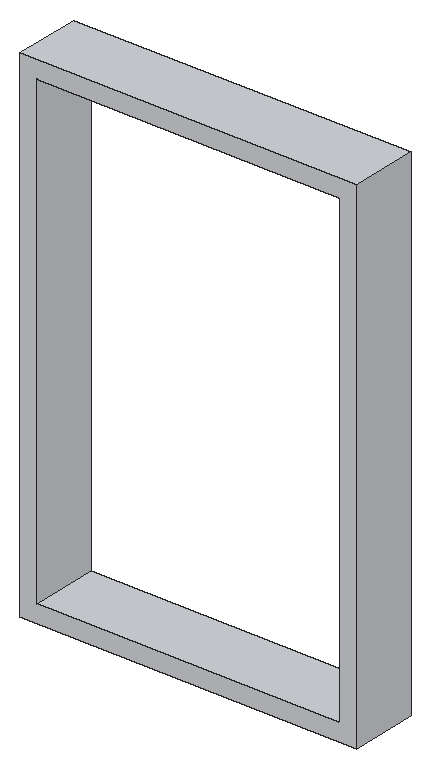
Revit family "Family1", category Windows, host Wall, Revit 2022
Family settings
  Host = Wall
  OmniClass Number = 23.30.20.00
  OmniClass Title = Windows
  Always vertical = Yes
  Cut with Voids When Loaded = No
  Shared = No
  Room Calculation Point = No
Parameters
  창틀두께 = 50 mm
  Height = 1500 mm
  Define Thermal Properties by = Schematic Type
  Default Sill Height = 800 mm
  Wall Closure = By host
  Width = 1000 mm
  Analytic Construction = "<None>"
Reference planes
  plane 1 "Center (Front/Back)": y = 0
  plane 2 "Center (Left/Right)": x = 0
  plane 3 "Left": x = -500
  plane 4 "Right": x = 500
  plane 5 "Sill": z = 800
  plane 6 "Head": z = 2300
  plane 7 "Exterior": y = 100
  plane 8 "Interior": y = -100
Forms (mm)
  Sweep 1, solid
    path in 3D
      loop
        line (500, 100, 2300) -> (-500, 100, 2300) -> (-500, 100, 800) -> (500, 100, 800) -> (500, 100, 2300)
    profile origin (500, 100, 1550) x (0, 1, 0) y (-1, 0, 0)
      loop
        line (0, 0) -> (0, 50) -> (-200, 50) -> (-200, 0) -> (0, 0)
Lines and regions (mm)
  Opening 1
    outline origin (3500, -100, 0) x (1, 0, 0) y (0, 0, 1)
      loop
        line (-3000, 800) -> (-3000, 2300) -> (-4000, 2300) -> (-4000, 800) -> (-3000, 800)
  sketch lines
    curve 1: line (500, 100, 800) -> (500, 100, 2300)
    curve 2: line (500, 100, 2300) -> (-500, 100, 2300)
    curve 3: line (-500, 100, 2300) -> (-500, 100, 800)
    curve 4: line (-500, 100, 800) -> (500, 100, 800)
Text (mm)
  text "Exterior" at (-1963.203, 1332.353, 0), in view "Ref. Level"
  text "Interior" at (-1981.466, -818.386, 0), in view "Ref. Level"
  text "Exterior" at (0, 923.751, 2943.296), in view "Right"
  text "Exterior" at (0, 1040.484, 2685.409), in view "Left"
Dimensions and locks
  equal spacing: plane 3 "Left", plane 2 "Center (Left/Right)", plane 4 "Right"
  "Width": plane 3 "Left" to plane 4 "Right"
  "Height": plane 5 "Sill" to plane 6 "Head"
  "Default Sill Height": plane 5 "Sill" to level
  locked: plane 7 "Exterior" to host wall
  locked: plane 8 "Interior" to host wall
  "창틀두께": Sweep 1 sketch curve to Sweep 1 sketch curve
  Sweep 1 to Sweep 1 = 50 mm
  plane 8 "Interior" to plane 7 "Exterior" = 200 mm
  aligned and locked: Sweep 1 sketch curve to plane 7 "Exterior"
  aligned and locked: plane 8 "Interior" to Sweep 1 sketch curve
Automatic sketch dimensions
  Opening 1 sketch curve to plane 3 "Left" = 0 mm
  Opening 1 sketch curve to plane 4 "Right" = 0 mm
  Opening 1 sketch curve to plane 5 "Sill" = 0 mm
  Opening 1 sketch curve to plane 6 "Head" = 0 mm
  Sweep 1 sketch curve to profile plane = 0 mm
